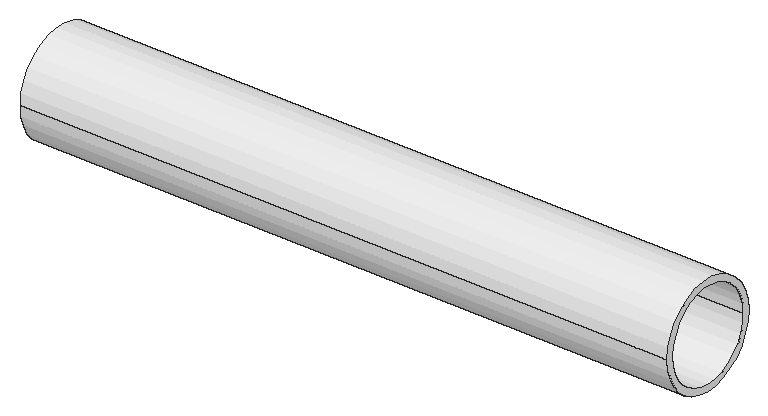
Revit family "M_EER-Tubo estrutural redondo", category Quadro estrutural, Revit 2019
Family settings
  Arredondamento do comprimento do framing estrutural = 0 mm
  Forma do corte = Não definido
  Material para o comportamento do modelo = Aço
  Exportar sempre como geometria = Não
  Número OmniClass = 23.25.30.11.14.14
  Título OmniClass = Beams
  ID de item do Seek = HSS-Round Structural Tubing-0000-CAN-ENU
  Sempre na vertical = Sim
  Corte com vazios quando carregada = Não
  Representação simbólica = Das configurações de projeto
  Compartilhado = Não
  Exibir o pré-corte da família na vista da planta = Sim
Parameters (values of type "HSS190.5X12.7")
  t = 11.8 mm
  W = 0.546
  Structural Material [instance] = Aço, 45-345
  Length [instance] = 1500 mm
  OD = 191 mm
  Assembly Code = ""
  A = 0.00663 m²
Reference planes
  plane 1 "Centro (Frente/Trás)": y = 0
  plane 2: z = 0
  plane 3 "Centro (Esquerda/Direita)": x = 4.61
  plane 4 "Membro esquerdo": x = -604.99
  plane 5 "Membro direito": x = 614.21
  plane 6: y = 95.5
  plane 7: y = -95.5
  plane 8 "Superior": z = 95.5
  plane 9: z = -95.5
  plane 10 "Esquerda": x = -757.39
  plane 11 "Direita": x = 742.61
Forms (mm)
  Extrusion 1, solid, material "Aço, 45-345" <- "Structural Material", detail levels medium+fine
    sketch origin (4.61, 0, 0) x (0, 1, 0) y (0, 0, 1)
      loop
        circle (0, 0) r 95.5
      loop
        circle (0, 0) r 83.7
    from -609.6 to 609.6
Lines and regions (mm)
  symbolic lines, style "Símbolos de vara", detail levels coarse
    curve 1: arc (0, 95.5, 0) -> (0, 0, -95.5) -> (0, -95.5, 0) r 95.5
    curve 2: arc (0, -95.5, 0) -> (0, 0, 95.5) -> (0, 95.5, 0) r 95.5
Dimensions and locks
  "OD": plane 6 to plane 7
  "OD": plane 9 to plane 8 "Superior"
  equal spacing: plane 9, plane 2, plane 8 "Superior"
  equal spacing: plane 6, plane 1 "Centro (Frente/Trás)", plane 7
  "Length": plane 10 "Esquerda" to plane 11 "Direita"
  "t": plane 6 to Extrusion 1 sketch curve
  "t": Extrusion 1 sketch curve to plane 7
  aligned and locked: plane 4 "Membro esquerdo" to Extrusion 1
  aligned and locked: Extrusion 1 to plane 5 "Membro direito"
Automatic sketch dimensions
  curve 1 to level = 0 mm
  curve 1 to plane 7 = 0 mm
  curve 1 to plane 1 "Centro (Frente/Trás)" = 0 mm
  Extrusion 1 sketch curve to Extrusion 1 sketch curve = 0 mm  (x2)
  Extrusion 1 sketch curve to level = 0 mm
  Extrusion 1 sketch curve to plane 7 = 0 mm
Types in the file's own list only (111): name | t | W | OD | A
  HSS508X12.7 | 12 mm | 1.52 | 508 mm | 0.02 m²
  HSS508X9.5 | 9 mm | 1.15 | 508 mm | 0.01 m²
  HSS457.2X12.7 | 12 mm | 1.37 | 457 mm | 0.02 m²
  HSS457.2X9.5 | 9 mm | 1.03 | 457 mm | 0.01 m²
  HSS406.4X12.7 | 12 mm | 1.21 | 406 mm | 0.01 m²
  HSS406.4X11.1 | 10 mm | 1.06 | 406 mm | 0.01 m²
  HSS406.4X9.5 | 9 mm | 0.914 | 406 mm | 0.01 m²
  HSS406.4X7.9 | 7 mm | 0.764 | 406 mm | 0.01 m²
  HSS355.6X12.7 | 12 mm | 1.05 | 356 mm | 0.01 m²
  HSS355.6X9.5 | 9 mm | 0.797 | 356 mm | 0.01 m²
  HSS355.6X7.9 | 7 mm | 0.666 | 356 mm | 0.01 m²
  HSS323.9X12.7 | 12 mm | 0.956 | 324 mm | 0.01 m²
  HSS323.9X9.5 | 9 mm | 0.724 | 324 mm | 0.01 m²
  HSS323.9X6.4 | 6 mm | 0.488 | 324 mm | 0.01 m²
  HSS317.5X15.9 | 15 mm | 1.16 | 318 mm | 0.01 m²
  HSS317.5X12.7 | 12 mm | 0.936 | 318 mm | 0.01 m²
  HSS317.5X9.5 | 9 mm | 0.709 | 318 mm | 0.01 m²
  HSS317.5X7.9 | 7 mm | 0.593 | 318 mm | 0.01 m²
  HSS317.5X6.4 | 6 mm | 0.478 | 318 mm | 0.01 m²
  HSS317.5X4.8 | 4 mm | 0.361 | 318 mm | 0.00 m²
  HSS285.8X15.9 | 15 mm | 1.04 | 286 mm | 0.01 m²
  HSS285.8X12.7 | 12 mm | 0.839 | 286 mm | 0.01 m²
  HSS285.8X9.5 | 9 mm | 0.636 | 286 mm | 0.01 m²
  HSS285.8X7.9 | 7 mm | 0.532 | 286 mm | 0.01 m²
  HSS285.8X6.4 | 6 mm | 0.429 | 286 mm | 0.01 m²
  HSS285.8X4.8 | 4 mm | 0.324 | 286 mm | 0.00 m²
  HSS273.1X12.7 | 12 mm | 0.8 | 273 mm | 0.01 m²
  HSS273.1X6.4 | 6 mm | 0.41 | 273 mm | 0.00 m²
  HSS254X15.9 | 15 mm | 0.914 | 254 mm | 0.01 m²
  HSS254X12.7 | 12 mm | 0.741 | 254 mm | 0.01 m²
  HSS254X9.5 | 9 mm | 0.563 | 254 mm | 0.01 m²
  HSS254X7.9 | 7 mm | 0.472 | 254 mm | 0.01 m²
  HSS254X6.4 | 6 mm | 0.38 | 254 mm | 0.00 m²
  HSS254X4.8 | 4 mm | 0.288 | 254 mm | 0.00 m²
  HSS244.5X12.7 | 12 mm | 0.712 | 244 mm | 0.01 m²
  HSS244.5X9.5 | 9 mm | 0.541 | 244 mm | 0.01 m²
  HSS244.5X7.9 | 7 mm | 0.453 | 244 mm | 0.01 m²
  HSS244.5X6.4 | 6 mm | 0.366 | 244 mm | 0.00 m²
  HSS244.5X4.8 | 4 mm | 0.277 | 244 mm | 0.00 m²
  HSS222.3X12.7 | 12 mm | 0.644 | 222 mm | 0.01 m²
  HSS222.3X9.5 | 9 mm | 0.49 | 222 mm | 0.01 m²
  HSS222.3X7.9 | 7 mm | 0.411 | 222 mm | 0.00 m²
  HSS222.3X6.4 | 6 mm | 0.332 | 222 mm | 0.00 m²
  HSS222.3X4.8 | 4 mm | 0.251 | 222 mm | 0.00 m²
  HSS219.1X12.7 | 12 mm | 0.634 | 219 mm | 0.01 m²
  HSS219.1X9.5 | 9 mm | 0.483 | 219 mm | 0.01 m²
  HSS219.1X8.2 | 8 mm | 0.417 | 219 mm | 0.01 m²
  HSS219.1X6.4 | 6 mm | 0.327 | 219 mm | 0.00 m²
  HSS219.1X4.8 | 4 mm | 0.247 | 219 mm | 0.00 m²
  HSS193.7X3.2 | 3 mm | 0.146 | 194 mm | 0.00 m²
  HSS190.5X9.5 | 9 mm | 0.417 | 191 mm | 0.01 m²
  HSS190.5X7.9 | 7 mm | 0.35 | 191 mm | 0.00 m²
  HSS190.5X6.4 | 6 mm | 0.283 | 191 mm | 0.00 m²
  HSS190.5X4.8 | 4 mm | 0.214 | 191 mm | 0.00 m²
  HSS177.8X12.7 | 12 mm | 0.507 | 178 mm | 0.01 m²
  HSS177.8X9.5 | 9 mm | 0.388 | 178 mm | 0.00 m²
  HSS177.8X7.9 | 7 mm | 0.326 | 178 mm | 0.00 m²
  HSS177.8X6.4 | 6 mm | 0.263 | 178 mm | 0.00 m²
  HSS177.8X4.8 | 4 mm | 0.2 | 178 mm | 0.00 m²
  HSS177.8X3.2 | 3 mm | 0.134 | 178 mm | 0.00 m²
  HSS174.6X12.7 | 12 mm | 0.497 | 175 mm | 0.01 m²
  HSS174.6X9.5 | 9 mm | 0.38 | 175 mm | 0.00 m²
  HSS174.6X7.9 | 7 mm | 0.319 | 175 mm | 0.00 m²
  HSS174.6X6.4 | 6 mm | 0.258 | 175 mm | 0.00 m²
  HSS174.6X4.8 | 4 mm | 0.196 | 175 mm | 0.00 m²
  HSS168.3X12.7 | 12 mm | 0.478 | 168 mm | 0.01 m²
  HSS168.3X11 | 10 mm | 0.417 | 168 mm | 0.01 m²
  HSS168.3X9.5 | 9 mm | 0.366 | 168 mm | 0.00 m²
  HSS168.3X7.9 | 7 mm | 0.307 | 168 mm | 0.00 m²
  HSS168.3X7.1 | 7 mm | 0.277 | 168 mm | 0.00 m²
  HSS168.3X6.4 | 6 mm | 0.249 | 168 mm | 0.00 m²
  HSS168.3X4.8 | 4 mm | 0.189 | 168 mm | 0.00 m²
  HSS168.3X3.2 | 3 mm | 0.127 | 168 mm | 0.00 m²
  HSS155.6X12.7 | 12 mm | 0.439 | 156 mm | 0.01 m²
  HSS155.6X9.5 | 9 mm | 0.336 | 156 mm | 0.00 m²
  HSS155.6X7.9 | 7 mm | 0.283 | 156 mm | 0.00 m²
  HSS155.6X6.4 | 6 mm | 0.229 | 156 mm | 0.00 m²
  HSS155.6X4.8 | 4 mm | 0.174 | 156 mm | 0.00 m²
  HSS152.4X12.7 | 12 mm | 0.429 | 152 mm | 0.01 m²
  HSS152.4X9.5 | 9 mm | 0.329 | 152 mm | 0.00 m²
  HSS152.4X7.9 | 7 mm | 0.277 | 152 mm | 0.00 m²
  HSS152.4X7.1 | 7 mm | 0.25 | 152 mm | 0.00 m²
  HSS152.4X6.4 | 6 mm | 0.224 | 152 mm | 0.00 m²
  HSS152.4X4.8 | 4 mm | 0.17 | 152 mm | 0.00 m²
  HSS152.4X3.2 | 3 mm | 0.115 | 152 mm | 0.00 m²
  HSS141.3X9.5 | 9 mm | 0.304 | 141 mm | 0.00 m²
  HSS141.3X6.6 | 6 mm | 0.214 | 141 mm | 0.00 m²
  HSS141.3X4.8 | 4 mm | 0.158 | 141 mm | 0.00 m²
  HSS141.3X3.4 | 3 mm | 0.113 | 141 mm | 0.00 m²
  HSS139.7X12.7 | 12 mm | 0.39 | 140 mm | 0.00 m²
  HSS139.7X9.5 | 9 mm | 0.3 | 140 mm | 0.00 m²
  HSS139.7X6.6 | 6 mm | 0.211 | 140 mm | 0.00 m²
  HSS127X12.7 | 12 mm | 0.351 | 127 mm | 0.00 m²
  HSS127X9.5 | 9 mm | 0.271 | 127 mm | 0.00 m²
  HSS127X7.9 | 7 mm | 0.228 | 127 mm | 0.00 m²
  HSS127X6.6 | 6 mm | 0.191 | 127 mm | 0.00 m²
  HSS127X6.4 | 6 mm | 0.185 | 127 mm | 0.00 m²
  HSS127X4.8 | 4 mm | 0.141 | 127 mm | 0.00 m²
  HSS127X3.2 | 3 mm | 0.095 | 127 mm | 0.00 m²
  HSS114.3X8.6 | 8 mm | 0.219 | 114 mm | 0.00 m²
  HSS114.3X6 | 6 mm | 0.158 | 114 mm | 0.00 m²
  HSS114.3X4.8 | 4 mm | 0.126 | 114 mm | 0.00 m²
  HSS114.3X3.2 | 3 mm | 0.085 | 114 mm | 0.00 m²
  HSS101.6X8.6 | 8 mm | 0.193 | 102 mm | 0.00 m²
  HSS101.6X8 | 7 mm | 0.18 | 102 mm | 0.00 m²
  HSS101.6X6.4 | 6 mm | 0.146 | 102 mm | 0.00 m²
  HSS101.6X6 | 6 mm | 0.139 | 102 mm | 0.00 m²
  HSS101.6X5.7 | 5 mm | 0.133 | 102 mm | 0.00 m²
  HSS101.6X5.6 | 5 mm | 0.13 | 102 mm | 0.00 m²
  HSS101.6X4.8 | 4 mm | 0.112 | 102 mm | 0.00 m²
  HSS101.6X3.2 | 3 mm | 0.076 | 102 mm | 0.00 m²
